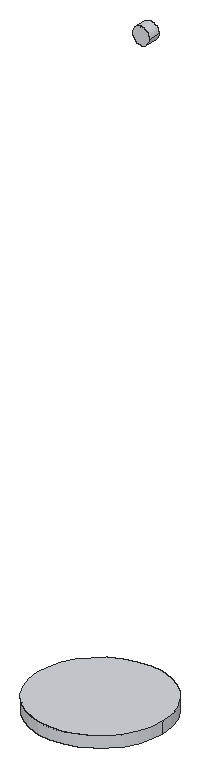
Revit family "CadDev_Anschluss_WC_KW-AW", category Sanitärinstallationen, Revit 2014
Parameters
  Muffenstärke = 10 mm
  KW_Radius = 7.5 mm
  KW_Hoehe = 800 mm
  AW_UK = AW_Hoehe - Muffenstärke  # 290 mm
  AW_Radius = 55 mm
  AW_Hoehe = 300 mm
  AW_Durchfluss [instance] = 0.0 L/s
Reference planes
  plane 1 "Mitte (Vorne/hinten)": y = 0
  plane 2: z = 0
  plane 3 "Mitte (Links/rechts)": x = 0
Forms (mm)
  Extrusion 1, solid, detail levels medium+fine
    sketch origin (0, 0, 0) x (1, 0, 0) y (0, 0, 1)
      loop
        circle (0, 800) r 7.5
    from 0 to 10 <- "Muffenstärke"
  Extrusion 2, solid, detail levels medium+fine
    sketch origin (0, 0, 0) x (1, 0, 0) y (0, 1, 0)
      loop
        circle (0, -55) r 55
    from 290 <- "AW_UK" to 300 <- "AW_Hoehe"
Lines and regions (mm)
  symbolic lines
    curve 1: circle (0, 0, 0) r 45 normal (0, 0, 1)
    curve 2: circle (0, -105, 0) r 45 normal (0, 0, 1)
    curve 3: line (-105, 0, 0) -> (105, 0, 0)
Dimensions and locks
  "KW_Hoehe": Extrusion 1 sketch curve to level
  "AW_Radius": Extrusion 2 sketch curve to plane 1 "Mitte (Vorne/hinten)"
  equal spacing: curve 3, plane 3 "Mitte (Links/rechts)", curve 3
  "KW_Radius": radius of Extrusion 1 sketch curve
  "AW_Radius": radius of Extrusion 2 sketch curve
  aligned and locked: level to plane 2
Automatic sketch dimensions
  Extrusion 1 sketch curve to plane 3 "Mitte (Links/rechts)" = 0 mm
  Extrusion 2 sketch curve to plane 3 "Mitte (Links/rechts)" = 0 mm
  plane 1 "Mitte (Vorne/hinten)" to curve 3 = 0 mm
  curve 2 to plane 3 "Mitte (Links/rechts)" = 0 mm
  plane 1 "Mitte (Vorne/hinten)" to curve 1 = 0 mm
  curve 1 to plane 3 "Mitte (Links/rechts)" = 0 mm
  plane 1 "Mitte (Vorne/hinten)" to curve 2 = 105 mm
  curve 3 to plane 3 "Mitte (Links/rechts)" = 105 mm
  radius of curve 1 = 45 mm
  radius of curve 2 = 45 mm
Connectors
  piping at (0, -10, 800), diameter 15, driven by "KW_Radius"
    settings: on Extrusion 1, index 2, connector inside diameter 15 mm, connector length 0 mm, flow factor 0, pipe flow 0.0 L/s, pressure drop 0.0 Pa, fitting loss kfactor 0, connector angle 0.00°, fixture units 0, engagement length 0 mm, angle of deflection 0.00°, flow configuration 0, flow direction 1, fitting loss method 4, system type 20, joint type 0, gender type 0, connector reference index -1, connector utility 0, adjustable connector no, is connector primary yes, connector description ""
  piping at (0, -55, 290), diameter 110, driven by "AW_Radius", driven by "AW_Durchfluss"
    settings: on Extrusion 2, index 3, connector inside diameter 609.6 mm, connector length 0 mm, flow factor 0, pipe flow 0.0 L/s, pressure drop 0.0 Pa, fitting loss kfactor 0, connector angle 0.00°, fixture units 0, engagement length 0 mm, angle of deflection 0.00°, flow configuration 0, flow direction 2, fitting loss method 0, system type 16, joint type 0, gender type 0, connector reference index -1, connector utility 0, adjustable connector no, is connector primary no, connector description ""
